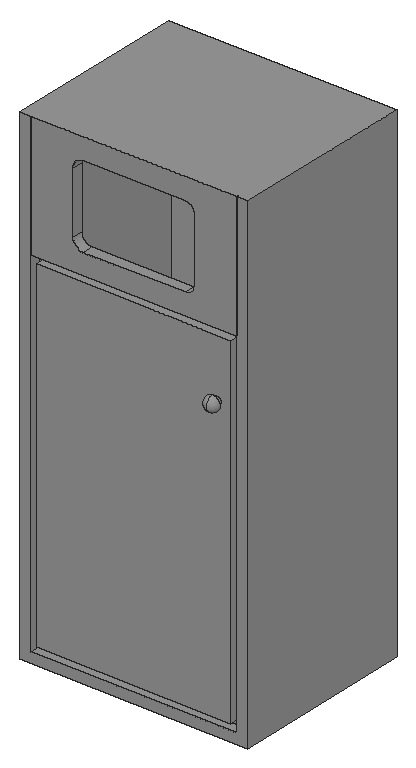
Revit family "Урна для раздельного сбора мусора «Солидум» Арт 12770", category Антураж, Revit 2018
Family settings
  На основе рабочей плоскости = Нет
  Всегда вертикально = Да
  При загрузке вырезать с полостями = Нет
  Источник визуального образа = Геометрия семейства
  Общий = Нет
  Точка расчета площади = Нет
Parameters (values of type "Урна для раздельного сбора мусора «Солидум»")
  Ширина = 450 mm  # constant formula
  Цвет урны = Сталь
  Описание = "Урна для раздельного сбора мусора «Солидум»"  # constant formula
  Материал изделия = "Сталь"  # constant formula
  Изображение типоразмера = Урна для раздельного сбора мусора «Солидум» Арт 12770.jpg
  Изготовитель = "ООО «Хоббика»"  # constant formula
  Длина = 550 mm  # constant formula
  Группа модели = "Уличные урны"  # constant formula
  Высота = 1187 mm  # constant formula
  Артикул товара = "Арт. 12770"  # constant formula
  URL = "https://hobbyka.ru/product/urna_dlya_razdelnogo_sbora_musora_solidum/"
Reference planes
  plane 1 "По центру (Вперед/Назад)": y = 0
  plane 2: z = 0
  plane 3 "По центру (Влево/Вправо)": x = 0
  plane 4: x = 550
  plane 5: y = 450
  plane 6: z = 1187
Forms (mm)
  Extrusion 1, solid, material "Сталь" <- "Цвет урны"
    sketch origin (0, 0, 0) x (1, 0, 0) y (0, 1, 0)
      loop
        line (0, 450) -> (0, 0) -> (550, 0) -> (550, 450) -> (0, 450)
    from 0 to 1187
  Revolve 2, solid, material "Хром"
    sketch origin (475, 0, -100) x (0, 1, 0) y (0, 0, 1)
      loop
        line (0, 827) -> (0, 837.003) -> (-12.504, 837.003) -> (-12.504, 844.506)
        arc (-12.504, 844.506) -> (-24.879, 839.378) -> (-30, 827) r 17.496
        line (-30, 827) -> (0, 827)
      axis (0, 827) -> (-30, 827)
    angle from 0 to 360
  Extrusion 3, void
    sketch origin (0, 0, -2) x (1, 0, 0) y (0, 0, 1)
      loop
        line (25, 1187) -> (25, 887) -> (27, 887) -> (27, 1187) -> (25, 1187)
      loop
        line (525, 887) -> (525, 1187) -> (523, 1187) -> (523, 887) -> (525, 887)
    from 0 to -5
  Extrusion 4, void
    sketch origin (0, 0, 0) x (1, 0, 0) y (0, 0, 1)
      loop
        line (25, 885) -> (25, 25) -> (525, 25) -> (525, 885) -> (25, 885)
      loop
        line (40, 870) -> (40, 40) -> (510, 40) -> (510, 870) -> (40, 870)
    from 0 to -25
  Extrusion 5, void
    sketch origin (0, 0, 0) x (1, 0, 0) y (0, 0, 1)
      loop
        arc (152, 1135) -> (134.322, 1127.678) -> (127, 1110) r 25
        line (127, 1110) -> (127, 960)
        arc (127, 960) -> (134.322, 942.322) -> (152, 935) r 25
        line (152, 935) -> (398, 935)
        arc (398, 935) -> (415.678, 942.322) -> (423, 960) r 25
        line (423, 960) -> (423, 1110)
        arc (423, 1110) -> (415.678, 1127.678) -> (398, 1135) r 25
        line (398, 1135) -> (152, 1135)
    from 0 to -30
  Extrusion 6, void
    sketch origin (0, 0, 0) x (1, 0, 0) y (0, 1, 0)
      loop
        line (25, 425) -> (25, 26) -> (525, 26) -> (525, 425) -> (25, 425)
    from 25 to 1162
Cuts and joins
  Extrusion 3, Extrusion 4, Extrusion 5, Extrusion 6 cuts Extrusion 1
Dimensions and locks
  "Ширина": plane 5 to plane 1 "По центру (Вперед/Назад)"
  "Длина": plane 3 "По центру (Влево/Вправо)" to plane 4
  "Высота": plane 6 to plane 2
  aligned and locked: level to plane 2
Automatic sketch dimensions
  plane 1 "По центру (Вперед/Назад)" to Extrusion 1 sketch curve = 0 mm
  Extrusion 1 sketch curve to plane 3 "По центру (Влево/Вправо)" = 0 mm
  Extrusion 1 sketch curve to plane 4 = 0 mm
  Extrusion 1 sketch curve to plane 5 = 0 mm
  Revolve 2 sketch curve to plane 1 "По центру (Вперед/Назад)" = 0 mm  (x2)
  plane 1 "По центру (Вперед/Назад)" to Revolve 2 sketch curve = 12.504 mm
  Revolve 2 sketch curve to Revolve 2 sketch curve = 17.496 mm
  Revolve 2 sketch curve to plane 6 = 460 mm
  Revolve 2 sketch curve to Revolve 2 sketch curve = 0.01 mm
  Revolve 2 sketch curve to Revolve 2 sketch curve = 7.502 mm
  Revolve 2 sketch curve to Revolve 2 sketch curve = 110 mm
  Revolve 2 sketch curve to Revolve 2 sketch curve = 0 mm
  plane 3 "По центру (Влево/Вправо)" to Extrusion 3 sketch curve = 25 mm
  Extrusion 3 sketch curve to Extrusion 3 sketch curve = 2 mm  (x2)
  Extrusion 3 sketch curve to plane 6 = 2 mm  (x2)
  Extrusion 3 sketch curve to plane 4 = 25 mm
  Extrusion 3 sketch curve to Extrusion 3 sketch curve = 300 mm  (x2)
  level to Extrusion 4 sketch curve = 25 mm
  plane 3 "По центру (Влево/Вправо)" to Extrusion 4 sketch curve = 25 mm
  Extrusion 4 sketch curve to plane 4 = 25 mm
  Extrusion 4 sketch curve to plane 6 = 302 mm
  level to Extrusion 4 sketch curve = 40 mm
  Extrusion 4 sketch curve to Extrusion 4 sketch curve = 15 mm  (x3)
  Extrusion 5 sketch curve to plane 6 = 52 mm
  Extrusion 5 sketch curve to Extrusion 5 sketch curve = 25 mm  (x4)
  Extrusion 5 sketch curve to Extrusion 5 sketch curve = 150 mm
  plane 3 "По центру (Влево/Вправо)" to Extrusion 5 sketch curve = 152 mm
  Extrusion 5 sketch curve to plane 4 = 152 mm
  Extrusion 6 sketch curve to plane 1 "По центру (Вперед/Назад)" = 26 mm
  plane 3 "По центру (Влево/Вправо)" to Extrusion 6 sketch curve = 25 mm
  Extrusion 6 sketch curve to plane 4 = 25 mm
  Extrusion 6 sketch curve to plane 5 = 25 mm
